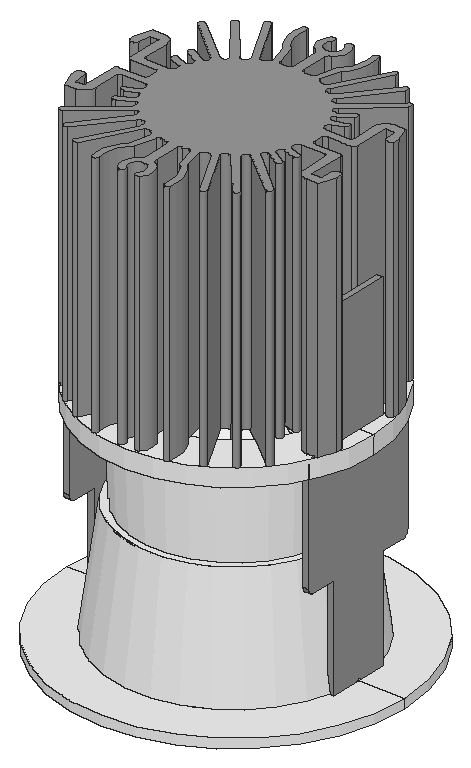
Revit family "Artemide_Everything_55", category Lighting Fixtures, Revit 2018 (continued)
Types (72, lengths in mm): name | Wattage | V_Square | V_Round | Radius_RoundVoidReal | Photometric Web File | built-in parameter 1150142 | M_Louvre | M_HousingLed | built-in parameter 1150105 | Lumens | built-in parameter 1150107 | built-in parameter 1150106 | Product Model Number | Overall Width | Overall Height | Output Lumens Direct light | Input Lumens Direct light | Initial Lumens | IES Files  | Housing Colour  | Face Shape | Efficiency | built-in parameter 1150104 | Distance_SquareVoidReal | Cut Out Length | Colour Temperature | Angle_LightReal | Angle_LightRange | Angle_Light | Adjustable
  Everything_55_Round_Adj_20°_3000K_Black_NL4203318K004 | 6.4 W | no | yes | 22.5 | "NL4203318K004.IES" | "IESNA:LM-63-2002\r\n[TEST] FTS1500317\r\n[TESTLAB] ARTEMIDE\r\n[TESTDATE] 17 Feb 2015\r\n[ISSUEDATE] 17 Feb 2015\r\n[MANUFAC] ARTEMIDE\r\n[LUMCAT] NL4203318K004\r\n[LUMINAIRE] Everything 55 round adjustable 20° - cornice nera - 3000K\r\n[FLASHAREA] 0.000233\r\n[LAMPCAT] 3000K - Imax=7992 cd/klm - LED Flux=566 lm - LED Power=6.4 W - Eff=84 % - EfcLED=89 lm/W - EfcLum=75 lm/W - Ra=80 min - SDCM=2 - Life=L70(6K)>51,400 ore\r\n[LAMP] 3000K - Imax=7992 cd/klm - LED Flux=566 lm - LED Power=6.4 W - Eff=84 % - EfcLED=89 lm/W - EfcLum=75 lm/W - Ra=80 min - SDCM=2 - Life=L70(6K)>51,400 ore\r\nTILT=NONE\r\n1 476.00 1.0 91 1 1 2 -0.035 -0.035 0.000\r\n1.00 1.00 6.40\r\n0.00 1.00 2.00 3.00 4.00 5.00 6.00 7.00 8.00 9.00 10.00 \r\n11.00 12.00 13.00 14.00 15.00 16.00 17.00 18.00 19.00 \r\n20.00 21.00 22.00 23.00 24.00 25.00 26.00 27.00 28.00 \r\n29.00 30.00 31.00 32.00 33.00 34.00 35.00 36.00 37.00 \r\n38.00 39.00 40.00 41.00 42.00 43.00 44.00 45.00 46.00 \r\n47.00 48.00 49.00 50.00 51.00 52.00 53.00 54.00 55.00 \r\n56.00 57.00 58.00 59.00 60.00 61.00 62.00 63.00 64.00 \r\n65.00 66.00 67.00 68.00 69.00 70.00 71.00 72.00 73.00 \r\n74.00 75.00 76.00 77.00 78.00 79.00 80.00 81.00 82.00 \r\n83.00 84.00 85.00 86.00 87.00 88.00 89.00 90.00 \r\n0.00 \r\n3804.41 3779.31 3694.65 3555.82 3372.96 3163.70 2936.04 \r\n2691.09 2438.59 2176.71 1913.39 1645.46 1372.95 1115.63 \r\n874.60 665.28 491.52 352.56 249.13 173.83 121.32 85.07 \r\n60.84 45.29 34.43 26.66 20.72 15.85 12.46 9.87 7.98 6.60 \r\n5.31 3.63 2.13 0.79 0.41 0.20 0.10 0.00 0.00 0.00 0.00 \r\n0.00 0.00 0.00 0.00 0.00 0.00 0.00 0.00 0.00 0.00 0.00 \r\n0.00 0.00 0.00 0.00 0.00 0.00 0.00 0.00 0.00 0.00 0.00 \r\n0.00 0.00 0.00 0.00 0.00 0.00 0.00 0.00 0.00 0.00 0.00 \r\n0.00 0.00 0.00 0.00 0.00 0.00 0.00 0.00 0.00 0.00 0.00 \r\n0.00 0.00 0.00 0.00 \r\n" | Artemide_Aluminum_Black | Artemide_Aluminum_Black | 40.402 (stored number, unit not read) | 507.712 lm | 3000 (stored number, unit not read) | 0.40402 (stored number, unit not read) | "NL4203318K004" | 0 | 82 | 476 | 566 | 476 | "https://www.artemide.com/product/downloadFile/2372172/ieseu/4916937" | "Black" | "Round" | 84 | 7.37 (stored number, unit not read) | 0.8 | 82 | 3000 | 60.00° | 60.00° | 60.00° | yes
  Everything_55_Round_Adj_20°_3000K_Silver_NL4203318K002 | 6.4 W | no | yes | 22.5 | "NL4203318K002.IES" | "IESNA:LM-63-2002\r\n[TEST] FTS1500313\r\n[TESTLAB] ARTEMIDE\r\n[TESTDATE] 17 Feb 2015\r\n[ISSUEDATE] 17 Feb 2015\r\n[MANUFAC] ARTEMIDE\r\n[LUMCAT] NL4203318K002\r\n[LUMINAIRE] Everything 55 round adjustable 20° - cornice grigia - 3000K\r\n[FLASHAREA] 0.000233\r\n[LAMPCAT] 3000K - Imax=7991 cd/klm - LED Flux=566 lm - LED Power=6.4 W - Eff=84 % - EfcLED=89 lm/W - EfcLum=75 lm/W - Ra=80 min - SDCM=2 - Life=L70(6K)>51,400 ore\r\n[LAMP] 3000K - Imax=7991 cd/klm - LED Flux=566 lm - LED Power=6.4 W - Eff=84 % - EfcLED=89 lm/W - EfcLum=75 lm/W - Ra=80 min - SDCM=2 - Life=L70(6K)>51,400 ore\r\nTILT=NONE\r\n1 476.00 1.0 91 1 1 2 -0.035 -0.035 0.000\r\n1.00 1.00 6.40\r\n0.00 1.00 2.00 3.00 4.00 5.00 6.00 7.00 8.00 9.00 10.00 \r\n11.00 12.00 13.00 14.00 15.00 16.00 17.00 18.00 19.00 \r\n20.00 21.00 22.00 23.00 24.00 25.00 26.00 27.00 28.00 \r\n29.00 30.00 31.00 32.00 33.00 34.00 35.00 36.00 37.00 \r\n38.00 39.00 40.00 41.00 42.00 43.00 44.00 45.00 46.00 \r\n47.00 48.00 49.00 50.00 51.00 52.00 53.00 54.00 55.00 \r\n56.00 57.00 58.00 59.00 60.00 61.00 62.00 63.00 64.00 \r\n65.00 66.00 67.00 68.00 69.00 70.00 71.00 72.00 73.00 \r\n74.00 75.00 76.00 77.00 78.00 79.00 80.00 81.00 82.00 \r\n83.00 84.00 85.00 86.00 87.00 88.00 89.00 90.00 \r\n0.00 \r\n3803.93 3777.27 3690.60 3550.18 3366.44 3154.65 2923.75 \r\n2678.21 2424.20 2162.42 1899.21 1638.11 1367.87 1110.89 \r\n869.78 662.10 489.25 352.51 250.30 175.61 122.98 86.78 \r\n62.72 47.09 36.35 28.46 22.54 17.72 14.19 11.49 9.56 8.23 \r\n6.95 5.35 3.78 2.58 1.81 1.53 1.19 0.85 0.52 0.37 0.27 \r\n0.20 0.00 0.00 0.00 0.00 0.00 0.00 0.00 0.00 0.00 0.00 \r\n0.00 0.00 0.00 0.00 0.00 0.00 0.00 0.00 0.00 0.00 0.00 \r\n0.00 0.00 0.00 0.00 0.00 0.00 0.00 0.00 0.00 0.00 0.00 \r\n0.00 0.00 0.00 0.00 0.00 0.00 0.00 0.00 0.00 0.00 0.00 \r\n0.00 0.00 0.00 0.00 \r\n" | Artemide_Aluminum_BrushedSilver | Artemide_Aluminum_BrushedSilver | 40.402 (stored number, unit not read) | 507.712 lm | 3000 (stored number, unit not read) | 0.40402 (stored number, unit not read) | "NL4203318K002" | 0 | 82 | 476 | 566 | 476 | "https://www.artemide.com/product/downloadFile/2372309/ieseu/4917143" | "Silver" | "Round" | 84 | 7.37 (stored number, unit not read) | 0.8 | 82 | 3000 | 60.00° | 60.00° | 60.00° | yes
  Everything_55_Round_Adj_34°_3000K_White_NL4203334K006 | 6.4 W | no | yes | 22.5 | "NL4203334K006.IES" | "IESNA:LM-63-2002\r\n[TEST] FTS1500311\r\n[TESTLAB] ARTEMIDE\r\n[TESTDATE] 17 Feb 2015\r\n[ISSUEDATE] 17 Feb 2015\r\n[MANUFAC] ARTEMIDE\r\n[LUMCAT] NL4203334K006\r\n[LUMINAIRE] Everything 55 round adjustable 34° - cornice bianca - 3000K\r\n[FLASHAREA] 0.000233\r\n[LAMPCAT] 3000K - Imax=2814 cd/klm - LED Flux=566 lm - LED Power=6.4 W - Eff=78 % - EfcLED=89 lm/W - EfcLum=69 lm/W - Ra=80 min - SDCM=2 - Life=L70(6K)>51,400 ore\r\n[LAMP] 3000K - Imax=2814 cd/klm - LED Flux=566 lm - LED Power=6.4 W - Eff=78 % - EfcLED=89 lm/W - EfcLum=69 lm/W - Ra=80 min - SDCM=2 - Life=L70(6K)>51,400 ore\r\nTILT=NONE\r\n1 442.00 1.0 91 1 1 2 -0.035 -0.035 0.000\r\n1.00 1.00 6.40\r\n0.00 1.00 2.00 3.00 4.00 5.00 6.00 7.00 8.00 9.00 10.00 \r\n11.00 12.00 13.00 14.00 15.00 16.00 17.00 18.00 19.00 \r\n20.00 21.00 22.00 23.00 24.00 25.00 26.00 27.00 28.00 \r\n29.00 30.00 31.00 32.00 33.00 34.00 35.00 36.00 37.00 \r\n38.00 39.00 40.00 41.00 42.00 43.00 44.00 45.00 46.00 \r\n47.00 48.00 49.00 50.00 51.00 52.00 53.00 54.00 55.00 \r\n56.00 57.00 58.00 59.00 60.00 61.00 62.00 63.00 64.00 \r\n65.00 66.00 67.00 68.00 69.00 70.00 71.00 72.00 73.00 \r\n74.00 75.00 76.00 77.00 78.00 79.00 80.00 81.00 82.00 \r\n83.00 84.00 85.00 86.00 87.00 88.00 89.00 90.00 \r\n0.00 \r\n1243.99 1242.87 1238.08 1228.38 1213.95 1194.58 1170.39 \r\n1140.32 1105.03 1064.11 1019.34 969.89 916.44 859.74 \r\n801.23 742.10 682.13 623.41 569.35 516.57 464.71 415.54 \r\n366.89 321.28 276.77 235.06 196.46 161.39 126.29 92.87 \r\n69.95 55.58 45.06 37.14 30.36 24.91 19.99 15.84 12.47 \r\n9.75 7.84 6.72 5.96 5.20 4.84 4.48 4.30 4.12 3.81 3.51 \r\n3.27 3.03 2.99 2.95 2.91 2.83 2.51 2.06 1.78 1.49 1.33 \r\n1.13 0.99 0.00 0.00 0.00 0.00 0.00 0.00 0.00 0.00 0.00 \r\n0.00 0.00 0.00 0.00 0.00 0.00 0.00 0.00 0.00 0.00 0.00 \r\n0.00 0.00 0.00 0.00 0.00 0.00 0.00 0.00 \r\n" | Artemide_Aluminum_White | Artemide_Aluminum_White | 37.52 (stored number, unit not read) | 471.488 lm | 3000 (stored number, unit not read) | 0.3752 (stored number, unit not read) | "NL4203334K006" | 0 | 82 | 442 | 566 | 442 | "https://www.artemide.com/product/downloadFile/2373572/ieseu/4916552" | "White" | "Round" | 78 | 6.8442 (stored number, unit not read) | 0.8 | 82 | 3000 | 60.00° | 60.00° | 60.00° | yes
  Everything_55_Round_Adj_34°_3000K_Black_NL4203334K004 | 6.4 W | no | yes | 22.5 | "NL4203334K004.IES" | "IESNA:LM-63-2002\r\n[TEST] FTS1500319\r\n[TESTLAB] ARTEMIDE\r\n[TESTDATE] 16 Feb 2015\r\n[ISSUEDATE] 16 Feb 2015\r\n[MANUFAC] ARTEMIDE\r\n[LUMCAT] NL4203334K004\r\n[LUMINAIRE] Everything 55 round adjustable 34° - cornice nera - 3000K\r\n[FLASHAREA] 0.000233\r\n[LAMPCAT] 3000K - Imax=2862 cd/klm - LED Flux=566 lm - LED Power=6.4 W - Eff=75 % - EfcLED=89 lm/W - EfcLum=69 lm/W - Ra=80 min - SDCM=2 - Life=L70(6K)>51,400 ore\r\n[LAMP] 3000K - Imax=2862 cd/klm - LED Flux=566 lm - LED Power=6.4 W - Eff=75 % - EfcLED=89 lm/W - EfcLum=69 lm/W - Ra=80 min - SDCM=2 - Life=L70(6K)>51,400 ore\r\nTILT=NONE\r\n1 425.00 1.0 91 1 1 2 -0.035 -0.035 0.000\r\n1.00 1.00 6.40\r\n0.00 1.00 2.00 3.00 4.00 5.00 6.00 7.00 8.00 9.00 10.00 \r\n11.00 12.00 13.00 14.00 15.00 16.00 17.00 18.00 19.00 \r\n20.00 21.00 22.00 23.00 24.00 25.00 26.00 27.00 28.00 \r\n29.00 30.00 31.00 32.00 33.00 34.00 35.00 36.00 37.00 \r\n38.00 39.00 40.00 41.00 42.00 43.00 44.00 45.00 46.00 \r\n47.00 48.00 49.00 50.00 51.00 52.00 53.00 54.00 55.00 \r\n56.00 57.00 58.00 59.00 60.00 61.00 62.00 63.00 64.00 \r\n65.00 66.00 67.00 68.00 69.00 70.00 71.00 72.00 73.00 \r\n74.00 75.00 76.00 77.00 78.00 79.00 80.00 81.00 82.00 \r\n83.00 84.00 85.00 86.00 87.00 88.00 89.00 90.00 \r\n0.00 \r\n1216.37 1213.87 1211.37 1203.20 1190.75 1173.50 1151.49 \r\n1123.39 1089.81 1050.01 1005.91 957.51 904.01 848.38 \r\n789.52 729.84 670.82 613.28 558.60 505.86 455.53 406.40 \r\n358.19 313.14 268.91 227.31 188.89 153.11 116.57 85.09 \r\n63.89 50.28 40.45 32.52 26.01 20.55 15.74 11.75 8.40 5.84 \r\n4.00 2.96 1.93 1.43 0.84 0.25 0.12 0.06 0.00 0.00 0.00 \r\n0.00 0.00 0.00 0.00 0.00 0.00 0.00 0.00 0.00 0.00 0.00 \r\n0.00 0.00 0.00 0.00 0.00 0.00 0.00 0.00 0.00 0.00 0.00 \r\n0.00 0.00 0.00 0.00 0.00 0.00 0.00 0.00 0.00 0.00 0.00 \r\n0.00 0.00 0.00 0.00 0.00 0.00 0.00 \r\n" | Artemide_Aluminum_Black | Artemide_Aluminum_Black | 37.52 (stored number, unit not read) | 471.488 lm | 3000 (stored number, unit not read) | 0.3752 (stored number, unit not read) | "NL4203334K004" | 0 | 82 | 425 | 566 | 425 | "https://www.artemide.com/product/downloadFile/2373693/ieseu/4916935" | "Black" | "Round" | 78 | 6.8442 (stored number, unit not read) | 0.8 | 82 | 3000 | 60.00° | 60.00° | 60.00° | yes
  Everything_55_Round_Adj_34°_3000K_Silver_NL4203334K002 | 6.4 W | no | yes | 22.5 | "NL4203334K002.IES" | "IESNA:LM-63-2002\r\n[TEST] FTS1500315\r\n[TESTLAB] ARTEMIDE\r\n[TESTDATE] 17 Feb 2015\r\n[ISSUEDATE] 17 Feb 2015\r\n[MANUFAC] ARTEMIDE\r\n[LUMCAT] NL4203334K002\r\n[LUMINAIRE] Everything 55 round adjustable 34° - cornice grigia - 3000K\r\n[FLASHAREA] 0.000233\r\n[LAMPCAT] 3000K - Imax=2846 cd/klm - LED Flux=566 lm - LED Power=6.4 W - Eff=77 % - EfcLED=89 lm/W - EfcLum=69 lm/W - Ra=80 min - SDCM=2 - Life=L70(6K)>51,400 ore\r\n[LAMP] 3000K - Imax=2846 cd/klm - LED Flux=566 lm - LED Power=6.4 W - Eff=77 % - EfcLED=89 lm/W - EfcLum=69 lm/W - Ra=80 min - SDCM=2 - Life=L70(6K)>51,400 ore\r\nTILT=NONE\r\n1 436.00 1.0 91 1 1 2 -0.035 -0.035 0.000\r\n1.00 1.00 6.40\r\n0.00 1.00 2.00 3.00 4.00 5.00 6.00 7.00 8.00 9.00 10.00 \r\n11.00 12.00 13.00 14.00 15.00 16.00 17.00 18.00 19.00 \r\n20.00 21.00 22.00 23.00 24.00 25.00 26.00 27.00 28.00 \r\n29.00 30.00 31.00 32.00 33.00 34.00 35.00 36.00 37.00 \r\n38.00 39.00 40.00 41.00 42.00 43.00 44.00 45.00 46.00 \r\n47.00 48.00 49.00 50.00 51.00 52.00 53.00 54.00 55.00 \r\n56.00 57.00 58.00 59.00 60.00 61.00 62.00 63.00 64.00 \r\n65.00 66.00 67.00 68.00 69.00 70.00 71.00 72.00 73.00 \r\n74.00 75.00 76.00 77.00 78.00 79.00 80.00 81.00 82.00 \r\n83.00 84.00 85.00 86.00 87.00 88.00 89.00 90.00 \r\n0.00 \r\n1240.95 1240.02 1234.86 1225.15 1210.71 1191.73 1167.39 \r\n1137.35 1102.31 1060.95 1015.93 966.51 912.77 856.31 \r\n796.79 736.59 678.55 620.93 565.45 512.44 462.16 412.85 \r\n364.37 319.29 275.00 233.40 195.04 156.43 119.09 89.05 \r\n67.78 54.33 44.26 36.34 29.67 24.05 19.21 15.18 11.64 \r\n9.00 7.01 5.73 4.62 4.16 3.71 3.35 3.15 2.86 2.58 2.22 \r\n1.91 1.70 1.49 1.38 1.27 0.99 0.65 0.00 0.00 0.00 0.00 \r\n0.00 0.00 0.00 0.00 0.00 0.00 0.00 0.00 0.00 0.00 0.00 \r\n0.00 0.00 0.00 0.00 0.00 0.00 0.00 0.00 0.00 0.00 0.00 \r\n0.00 0.00 0.00 0.00 0.00 0.00 0.00 0.00 \r\n" | Artemide_Aluminum_BrushedSilver | Artemide_Aluminum_BrushedSilver | 37.52 (stored number, unit not read) | 471.488 lm | 3000 (stored number, unit not read) | 0.3752 (stored number, unit not read) | "NL4203334K002" | 0 | 82 | 436 | 566 | 436 | "https://www.artemide.com/product/downloadFile/2373814/ieseu/4917110" | "Silver" | "Round" | 78 | 6.8442 (stored number, unit not read) | 0.8 | 82 | 3000 | 60.00° | 60.00° | 60.00° | yes
  Everything_55_Round_Adj_20°_2700K_White_NL4203318Y006 | 6.4 W | no | yes | 22.5 | "NL4203318Y006.IES" | "IESNA:LM-63-2002\r\n[TEST] FTS1602948\r\n[TESTLAB] ARTEMIDE\r\n[TESTDATE] 17 Feb 2015\r\n[ISSUEDATE] 17 Feb 2015\r\n[MANUFAC] ARTEMIDE\r\n[LUMCAT] NL4203318Y006\r\n[LUMINAIRE] Everything 55 round adjustable 20° - cornice bianca - 2700K\r\n[FLASHAREA] 0.000233\r\n[LAMPCAT] LED Flux=566lm  LED Power=6,4W Eff=84% EfcLed=88lm/W EfcLum=74lm/W CCT=2700K Ra=80 SDCM=2 L70(6K)=51400h\r\n[LAMP] LED Flux=566lm  LED Power=6,4W Eff=84% EfcLed=88lm/W EfcLum=74lm/W CCT=2700K Ra=80 SDCM=2 L70(6K)=51400h\r\nTILT=NONE\r\n1 476.00 1.0 91 1 1 2 -0.035 -0.035 0.000\r\n1.00 1.00 6.40\r\n0.00 1.00 2.00 3.00 4.00 5.00 6.00 7.00 8.00 9.00 10.00 \r\n11.00 12.00 13.00 14.00 15.00 16.00 17.00 18.00 19.00 \r\n20.00 21.00 22.00 23.00 24.00 25.00 26.00 27.00 28.00 \r\n29.00 30.00 31.00 32.00 33.00 34.00 35.00 36.00 37.00 \r\n38.00 39.00 40.00 41.00 42.00 43.00 44.00 45.00 46.00 \r\n47.00 48.00 49.00 50.00 51.00 52.00 53.00 54.00 55.00 \r\n56.00 57.00 58.00 59.00 60.00 61.00 62.00 63.00 64.00 \r\n65.00 66.00 67.00 68.00 69.00 70.00 71.00 72.00 73.00 \r\n74.00 75.00 76.00 77.00 78.00 79.00 80.00 81.00 82.00 \r\n83.00 84.00 85.00 86.00 87.00 88.00 89.00 90.00 \r\n0.00 \r\n3835.70 3811.54 3722.97 3579.25 3390.25 3174.12 2937.36 \r\n2687.47 2432.02 2169.98 1904.67 1634.92 1363.71 1105.36 \r\n867.10 658.58 485.13 347.55 245.55 171.43 120.13 84.52 \r\n61.07 45.79 35.35 27.74 21.95 17.26 13.97 11.31 9.45 8.19 \r\n6.85 5.52 3.76 2.54 2.07 1.80 1.57 1.29 1.02 0.77 0.62 \r\n0.00 0.00 0.00 0.00 0.00 0.00 0.00 0.00 0.00 0.00 0.00 \r\n0.00 0.00 0.00 0.00 0.00 0.00 0.00 0.00 0.00 0.00 0.00 \r\n0.00 0.00 0.00 0.00 0.00 0.00 0.00 0.00 0.00 0.00 0.00 \r\n0.00 0.00 0.00 0.00 0.00 0.00 0.00 0.00 0.00 0.00 0.00 \r\n0.00 0.00 0.00 0.00 \r\n" | Artemide_Aluminum_White | Artemide_Aluminum_White | 40.402 (stored number, unit not read) | 507.712 lm | 2700 (stored number, unit not read) | 0.40402 (stored number, unit not read) | "NL4203318Y006" | 0 | 82 | 476 | 566 | 476 | "https://www.artemide.com/product/downloadFile/4346875/ieseu/4916501" | "White" | "Round" | 84 | 7.37 (stored number, unit not read) | 0.8 | 82 | 2700 | 60.00° | 60.00° | 60.00° | yes
  Everything_55_Round_Adj_20°_2700K_Black_NL4203318Y004 | 6.4 W | no | yes | 22.5 | "NL4203318Y004.IES" | "IESNA:LM-63-2002\r\n[TEST] FTS1602952\r\n[TESTLAB] ARTEMIDE\r\n[TESTDATE] 17 Feb 2015\r\n[ISSUEDATE] 17 Feb 2015\r\n[MANUFAC] ARTEMIDE\r\n[LUMCAT] NL4203318Y004\r\n[LUMINAIRE] Everything 55 round adjustable 20° - cornice nera - 2700K\r\n[FLASHAREA] 0.000233\r\n[LAMPCAT] LED Flux=566lm  LED Power=6,4W Eff=84% EfcLed=88lm/W EfcLum=74lm/W CCT=2700K Ra=80 SDCM=2 L70(6K)=51400h\r\n[LAMP] LED Flux=566lm  LED Power=6,4W Eff=84% EfcLed=88lm/W EfcLum=74lm/W CCT=2700K Ra=80 SDCM=2 L70(6K)=51400h\r\nTILT=NONE\r\n1 476.00 1.0 91 1 1 2 -0.035 -0.035 0.000\r\n1.00 1.00 6.40\r\n0.00 1.00 2.00 3.00 4.00 5.00 6.00 7.00 8.00 9.00 10.00 \r\n11.00 12.00 13.00 14.00 15.00 16.00 17.00 18.00 19.00 \r\n20.00 21.00 22.00 23.00 24.00 25.00 26.00 27.00 28.00 \r\n29.00 30.00 31.00 32.00 33.00 34.00 35.00 36.00 37.00 \r\n38.00 39.00 40.00 41.00 42.00 43.00 44.00 45.00 46.00 \r\n47.00 48.00 49.00 50.00 51.00 52.00 53.00 54.00 55.00 \r\n56.00 57.00 58.00 59.00 60.00 61.00 62.00 63.00 64.00 \r\n65.00 66.00 67.00 68.00 69.00 70.00 71.00 72.00 73.00 \r\n74.00 75.00 76.00 77.00 78.00 79.00 80.00 81.00 82.00 \r\n83.00 84.00 85.00 86.00 87.00 88.00 89.00 90.00 \r\n0.00 \r\n3804.41 3779.31 3694.65 3555.82 3372.96 3163.70 2936.04 \r\n2691.09 2438.59 2176.71 1913.39 1645.46 1372.95 1115.63 \r\n874.60 665.28 491.52 352.56 249.13 173.83 121.32 85.07 \r\n60.84 45.29 34.43 26.66 20.72 15.85 12.46 9.87 7.98 6.60 \r\n5.31 3.63 2.13 0.79 0.41 0.20 0.10 0.00 0.00 0.00 0.00 \r\n0.00 0.00 0.00 0.00 0.00 0.00 0.00 0.00 0.00 0.00 0.00 \r\n0.00 0.00 0.00 0.00 0.00 0.00 0.00 0.00 0.00 0.00 0.00 \r\n0.00 0.00 0.00 0.00 0.00 0.00 0.00 0.00 0.00 0.00 0.00 \r\n0.00 0.00 0.00 0.00 0.00 0.00 0.00 0.00 0.00 0.00 0.00 \r\n0.00 0.00 0.00 0.00 \r\n" | Artemide_Aluminum_Black | Artemide_Aluminum_Black | 40.402 (stored number, unit not read) | 507.712 lm | 2700 (stored number, unit not read) | 0.40402 (stored number, unit not read) | "NL4203318Y004" | 0 | 82 | 476 | 566 | 476 | "https://www.artemide.com/product/downloadFile/4347073/ieseu/4916587" | "Black" | "Round" | 84 | 7.37 (stored number, unit not read) | 0.8 | 82 | 2700 | 60.00° | 60.00° | 60.00° | yes
  Everything_55_Round_Adj_20°_2700K_Silver_NL4203318Y002 | 6.4 W | no | yes | 22.5 | "NL4203318Y002.IES" | "IESNA:LM-63-2002\r\n[TEST] FTS1602950\r\n[TESTLAB] ARTEMIDE\r\n[TESTDATE] 17 Feb 2015\r\n[ISSUEDATE] 17 Feb 2015\r\n[MANUFAC] ARTEMIDE\r\n[LUMCAT] NL4203318Y002\r\n[LUMINAIRE] Everything 55 round adjustable 20° - cornice grigia - 2700K\r\n[FLASHAREA] 0.000233\r\n[LAMPCAT] LED Flux=566lm  LED Power=6,4W Eff=84% EfcLed=88lm/W EfcLum=74lm/W CCT=2700K Ra=80 SDCM=2 L70(6K)=51400h\r\n[LAMP] LED Flux=566lm  LED Power=6,4W Eff=84% EfcLed=88lm/W EfcLum=74lm/W CCT=2700K Ra=80 SDCM=2 L70(6K)=51400h\r\nTILT=NONE\r\n1 476.00 1.0 91 1 1 2 -0.035 -0.035 0.000\r\n1.00 1.00 6.40\r\n0.00 1.00 2.00 3.00 4.00 5.00 6.00 7.00 8.00 9.00 10.00 \r\n11.00 12.00 13.00 14.00 15.00 16.00 17.00 18.00 19.00 \r\n20.00 21.00 22.00 23.00 24.00 25.00 26.00 27.00 28.00 \r\n29.00 30.00 31.00 32.00 33.00 34.00 35.00 36.00 37.00 \r\n38.00 39.00 40.00 41.00 42.00 43.00 44.00 45.00 46.00 \r\n47.00 48.00 49.00 50.00 51.00 52.00 53.00 54.00 55.00 \r\n56.00 57.00 58.00 59.00 60.00 61.00 62.00 63.00 64.00 \r\n65.00 66.00 67.00 68.00 69.00 70.00 71.00 72.00 73.00 \r\n74.00 75.00 76.00 77.00 78.00 79.00 80.00 81.00 82.00 \r\n83.00 84.00 85.00 86.00 87.00 88.00 89.00 90.00 \r\n0.00 \r\n3803.93 3777.27 3690.60 3550.18 3366.44 3154.65 2923.75 \r\n2678.21 2424.20 2162.42 1899.21 1638.11 1367.87 1110.89 \r\n869.78 662.10 489.25 352.51 250.30 175.61 122.98 86.78 \r\n62.72 47.09 36.35 28.46 22.54 17.72 14.19 11.49 9.56 8.23 \r\n6.95 5.35 3.78 2.58 1.81 1.53 1.19 0.85 0.52 0.37 0.27 \r\n0.20 0.00 0.00 0.00 0.00 0.00 0.00 0.00 0.00 0.00 0.00 \r\n0.00 0.00 0.00 0.00 0.00 0.00 0.00 0.00 0.00 0.00 0.00 \r\n0.00 0.00 0.00 0.00 0.00 0.00 0.00 0.00 0.00 0.00 0.00 \r\n0.00 0.00 0.00 0.00 0.00 0.00 0.00 0.00 0.00 0.00 0.00 \r\n0.00 0.00 0.00 0.00 \r\n" | Artemide_Aluminum_BrushedSilver | Artemide_Aluminum_BrushedSilver | 40.402 (stored number, unit not read) | 507.712 lm | 2700 (stored number, unit not read) | 0.40402 (stored number, unit not read) | "NL4203318Y002" | 0 | 82 | 476 | 566 | 476 | "https://www.artemide.com/product/downloadFile/4347281/ieseu/4916985" | "Silver" | "Round" | 84 | 7.37 (stored number, unit not read) | 0.8 | 82 | 2700 | 60.00° | 60.00° | 60.00° | yes
  Everything_55_Round_Adj_34°_2700K_White_NL4203334Y006 | 6.4 W | no | yes | 22.5 | "NL4203334Y006.IES" | "IESNA:LM-63-2002\r\n[TEST] FTS1602949\r\n[TESTLAB] ARTEMIDE\r\n[TESTDATE] 17 Feb 2015\r\n[ISSUEDATE] 17 Feb 2015\r\n[MANUFAC] ARTEMIDE\r\n[LUMCAT] NL4203334Y006\r\n[LUMINAIRE] Everything 55 round adjustable 34° - cornice bianca - 2700K\r\n[FLASHAREA] 0.000233\r\n[LAMPCAT] LED Flux=566lm  LED Power=6,4W Eff=78% EfcLed=88lm/W EfcLum=69lm/W CCT=2700K Ra=80 SDCM=2 L70(6K)=51400h\r\n[LAMP] LED Flux=566lm  LED Power=6,4W Eff=78% EfcLed=88lm/W EfcLum=69lm/W CCT=2700K Ra=80 SDCM=2 L70(6K)=51400h\r\nTILT=NONE\r\n1 442.00 1.0 91 1 1 2 -0.035 -0.035 0.000\r\n1.00 1.00 6.40\r\n0.00 1.00 2.00 3.00 4.00 5.00 6.00 7.00 8.00 9.00 10.00 \r\n11.00 12.00 13.00 14.00 15.00 16.00 17.00 18.00 19.00 \r\n20.00 21.00 22.00 23.00 24.00 25.00 26.00 27.00 28.00 \r\n29.00 30.00 31.00 32.00 33.00 34.00 35.00 36.00 37.00 \r\n38.00 39.00 40.00 41.00 42.00 43.00 44.00 45.00 46.00 \r\n47.00 48.00 49.00 50.00 51.00 52.00 53.00 54.00 55.00 \r\n56.00 57.00 58.00 59.00 60.00 61.00 62.00 63.00 64.00 \r\n65.00 66.00 67.00 68.00 69.00 70.00 71.00 72.00 73.00 \r\n74.00 75.00 76.00 77.00 78.00 79.00 80.00 81.00 82.00 \r\n83.00 84.00 85.00 86.00 87.00 88.00 89.00 90.00 \r\n0.00 \r\n1243.99 1242.87 1238.08 1228.38 1213.95 1194.58 1170.39 \r\n1140.32 1105.03 1064.11 1019.34 969.89 916.44 859.74 \r\n801.23 742.10 682.13 623.41 569.35 516.57 464.71 415.54 \r\n366.89 321.28 276.77 235.06 196.46 161.39 126.29 92.87 \r\n69.95 55.58 45.06 37.14 30.36 24.91 19.99 15.84 12.47 \r\n9.75 7.84 6.72 5.96 5.20 4.84 4.48 4.30 4.12 3.81 3.51 \r\n3.27 3.03 2.99 2.95 2.91 2.83 2.51 2.06 1.78 1.49 1.33 \r\n1.13 0.99 0.00 0.00 0.00 0.00 0.00 0.00 0.00 0.00 0.00 \r\n0.00 0.00 0.00 0.00 0.00 0.00 0.00 0.00 0.00 0.00 0.00 \r\n0.00 0.00 0.00 0.00 0.00 0.00 0.00 0.00 \r\n" | Artemide_Aluminum_White | Artemide_Aluminum_White | 37.011 (stored number, unit not read) | 465.088 lm | 2700 (stored number, unit not read) | 0.37011 (stored number, unit not read) | "NL4203334Y006" | 0 | 82 | 442 | 566 | 442 | "https://www.artemide.com/product/downloadFile/4347489/ieseu/4916899" | "White" | "Round" | 77 | 6.7513 (stored number, unit not read) | 0.8 | 82 | 2700 | 60.00° | 60.00° | 60.00° | yes
  Everything_55_Round_Adj_34°_2700K_Black_NL4203334Y004 | 6.4 W | no | yes | 22.5 | "NL4203334Y004.IES" | "IESNA:LM-63-2002\r\n[TEST] FTS1602953\r\n[TESTLAB] ARTEMIDE\r\n[TESTDATE] 16 Feb 2015\r\n[ISSUEDATE] 16 Feb 2015\r\n[MANUFAC] ARTEMIDE\r\n[LUMCAT] NL4203334Y004\r\n[LUMINAIRE] Everything 55 round adjustable 34° - cornice nera - 2700K\r\n[FLASHAREA] 0.000233\r\n[LAMPCAT] LED Flux=566lm  LED Power=6,4W Eff=75% EfcLed=88lm/W EfcLum=66lm/W CCT=2700K Ra=80 SDCM=2 L70(6K)=51400h\r\n[LAMP] LED Flux=566lm  LED Power=6,4W Eff=75% EfcLed=88lm/W EfcLum=66lm/W CCT=2700K Ra=80 SDCM=2 L70(6K)=51400h\r\nTILT=NONE\r\n1 425.00 1.0 91 1 1 2 -0.035 -0.035 0.000\r\n1.00 1.00 6.40\r\n0.00 1.00 2.00 3.00 4.00 5.00 6.00 7.00 8.00 9.00 10.00 \r\n11.00 12.00 13.00 14.00 15.00 16.00 17.00 18.00 19.00 \r\n20.00 21.00 22.00 23.00 24.00 25.00 26.00 27.00 28.00 \r\n29.00 30.00 31.00 32.00 33.00 34.00 35.00 36.00 37.00 \r\n38.00 39.00 40.00 41.00 42.00 43.00 44.00 45.00 46.00 \r\n47.00 48.00 49.00 50.00 51.00 52.00 53.00 54.00 55.00 \r\n56.00 57.00 58.00 59.00 60.00 61.00 62.00 63.00 64.00 \r\n65.00 66.00 67.00 68.00 69.00 70.00 71.00 72.00 73.00 \r\n74.00 75.00 76.00 77.00 78.00 79.00 80.00 81.00 82.00 \r\n83.00 84.00 85.00 86.00 87.00 88.00 89.00 90.00 \r\n0.00 \r\n1216.37 1213.87 1211.37 1203.20 1190.75 1173.50 1151.49 \r\n1123.39 1089.81 1050.01 1005.91 957.51 904.01 848.38 \r\n789.52 729.84 670.82 613.28 558.60 505.86 455.53 406.40 \r\n358.19 313.14 268.91 227.31 188.89 153.11 116.57 85.09 \r\n63.89 50.28 40.45 32.52 26.01 20.55 15.74 11.75 8.40 5.84 \r\n4.00 2.96 1.93 1.43 0.84 0.25 0.12 0.06 0.00 0.00 0.00 \r\n0.00 0.00 0.00 0.00 0.00 0.00 0.00 0.00 0.00 0.00 0.00 \r\n0.00 0.00 0.00 0.00 0.00 0.00 0.00 0.00 0.00 0.00 0.00 \r\n0.00 0.00 0.00 0.00 0.00 0.00 0.00 0.00 0.00 0.00 0.00 \r\n0.00 0.00 0.00 0.00 0.00 0.00 0.00 \r\n" | Artemide_Aluminum_Black | Artemide_Aluminum_Black | 37.011 (stored number, unit not read) | 465.088 lm | 2700 (stored number, unit not read) | 0.37011 (stored number, unit not read) | "NL4203334Y004" | 0 | 82 | 425 | 566 | 425 | "https://www.artemide.com/product/downloadFile/4347687/ieseu/4917070" | "Black" | "Round" | 77 | 6.7513 (stored number, unit not read) | 0.8 | 82 | 2700 | 60.00° | 60.00° | 60.00° | yes
  Everything_55_Round_Adj_34°_2700K_Silver_NL4203334Y002 | 6.4 W | no | yes | 22.5 | "NL4203334Y002.IES" | "IESNA:LM-63-2002\r\n[TEST] FTS1602951\r\n[TESTLAB] ARTEMIDE\r\n[TESTDATE] 17 Feb 2015\r\n[ISSUEDATE] 17 Feb 2015\r\n[MANUFAC] ARTEMIDE\r\n[LUMCAT] NL4203334Y002\r\n[LUMINAIRE] Everything 55 round adjustable 34° - cornice grigia - 2700K\r\n[FLASHAREA] 0.000233\r\n[LAMPCAT] LED Flux=566lm  LED Power=6,4W Eff=77% EfcLed=88lm/W EfcLum=68lm/W CCT=2700K Ra=80 SDCM=2 L70(6K)=51400h\r\n[LAMP] LED Flux=566lm  LED Power=6,4W Eff=77% EfcLed=88lm/W EfcLum=68lm/W CCT=2700K Ra=80 SDCM=2 L70(6K)=51400h\r\nTILT=NONE\r\n1 436.00 1.0 91 1 1 2 -0.035 -0.035 0.000\r\n1.00 1.00 6.40\r\n0.00 1.00 2.00 3.00 4.00 5.00 6.00 7.00 8.00 9.00 10.00 \r\n11.00 12.00 13.00 14.00 15.00 16.00 17.00 18.00 19.00 \r\n20.00 21.00 22.00 23.00 24.00 25.00 26.00 27.00 28.00 \r\n29.00 30.00 31.00 32.00 33.00 34.00 35.00 36.00 37.00 \r\n38.00 39.00 40.00 41.00 42.00 43.00 44.00 45.00 46.00 \r\n47.00 48.00 49.00 50.00 51.00 52.00 53.00 54.00 55.00 \r\n56.00 57.00 58.00 59.00 60.00 61.00 62.00 63.00 64.00 \r\n65.00 66.00 67.00 68.00 69.00 70.00 71.00 72.00 73.00 \r\n74.00 75.00 76.00 77.00 78.00 79.00 80.00 81.00 82.00 \r\n83.00 84.00 85.00 86.00 87.00 88.00 89.00 90.00 \r\n0.00 \r\n1240.95 1240.02 1234.86 1225.15 1210.71 1191.73 1167.39 \r\n1137.35 1102.31 1060.95 1015.93 966.51 912.77 856.31 \r\n796.79 736.59 678.55 620.93 565.45 512.44 462.16 412.85 \r\n364.37 319.29 275.00 233.40 195.04 156.43 119.09 89.05 \r\n67.78 54.33 44.26 36.34 29.67 24.05 19.21 15.18 11.64 \r\n9.00 7.01 5.73 4.62 4.16 3.71 3.35 3.15 2.86 2.58 2.22 \r\n1.91 1.70 1.49 1.38 1.27 0.99 0.65 0.00 0.00 0.00 0.00 \r\n0.00 0.00 0.00 0.00 0.00 0.00 0.00 0.00 0.00 0.00 0.00 \r\n0.00 0.00 0.00 0.00 0.00 0.00 0.00 0.00 0.00 0.00 0.00 \r\n0.00 0.00 0.00 0.00 0.00 0.00 0.00 0.00 \r\n" | Artemide_Aluminum_BrushedSilver | Artemide_Aluminum_BrushedSilver | 37.011 (stored number, unit not read) | 465.088 lm | 2700 (stored number, unit not read) | 0.37011 (stored number, unit not read) | "NL4203334Y002" | 0 | 82 | 436 | 566 | 436 | "https://www.artemide.com/product/downloadFile/4347895/ieseu/4916905" | "Silver" | "Round" | 77 | 6.7513 (stored number, unit not read) | 0.8 | 82 | 2700 | 60.00° | 60.00° | 60.00° | yes
  Everything_55_Square_20°_3000K_Black_NL4203418K004 | 6.4 W | yes | no | 0.3 | "NL4203418K004.IES" | "IESNA:LM-63-2002\r\n[TEST] FTS1500305\r\n[TESTLAB] ARTEMIDE\r\n[TESTDATE] 17 Feb 2015\r\n[ISSUEDATE] 17 Feb 2015\r\n[MANUFAC] ARTEMIDE\r\n[LUMCAT] NL4203418K004\r\n[LUMINAIRE] Everything 55 square 20° - cornice nera - 3000K\r\n[FLASHAREA] 0.000233\r\n[LAMPCAT] 3000K - Imax=7992 cd/klm - LED Flux=566 lm - LED Power=6.4 W - Eff=84 % - EfcLED=89 lm/W - EfcLum=75 lm/W - Ra=80 min - SDCM=2 - Life=L70(6K)>51,400 ore\r\n[LAMP] 3000K - Imax=7992 cd/klm - LED Flux=566 lm - LED Power=6.4 W - Eff=84 % - EfcLED=89 lm/W - EfcLum=75 lm/W - Ra=80 min - SDCM=2 - Life=L70(6K)>51,400 ore\r\nTILT=NONE\r\n1 476.00 1.0 91 1 1 2 -0.035 -0.035 0.000\r\n1.00 1.00 6.40\r\n0.00 1.00 2.00 3.00 4.00 5.00 6.00 7.00 8.00 9.00 10.00 \r\n11.00 12.00 13.00 14.00 15.00 16.00 17.00 18.00 19.00 \r\n20.00 21.00 22.00 23.00 24.00 25.00 26.00 27.00 28.00 \r\n29.00 30.00 31.00 32.00 33.00 34.00 35.00 36.00 37.00 \r\n38.00 39.00 40.00 41.00 42.00 43.00 44.00 45.00 46.00 \r\n47.00 48.00 49.00 50.00 51.00 52.00 53.00 54.00 55.00 \r\n56.00 57.00 58.00 59.00 60.00 61.00 62.00 63.00 64.00 \r\n65.00 66.00 67.00 68.00 69.00 70.00 71.00 72.00 73.00 \r\n74.00 75.00 76.00 77.00 78.00 79.00 80.00 81.00 82.00 \r\n83.00 84.00 85.00 86.00 87.00 88.00 89.00 90.00 \r\n0.00 \r\n3804.41 3779.31 3694.65 3555.82 3372.96 3163.70 2936.04 \r\n2691.09 2438.59 2176.71 1913.39 1645.46 1372.95 1115.63 \r\n874.60 665.28 491.52 352.56 249.13 173.83 121.32 85.07 \r\n60.84 45.29 34.43 26.66 20.72 15.85 12.46 9.87 7.98 6.60 \r\n5.31 3.63 2.13 0.79 0.41 0.20 0.10 0.00 0.00 0.00 0.00 \r\n0.00 0.00 0.00 0.00 0.00 0.00 0.00 0.00 0.00 0.00 0.00 \r\n0.00 0.00 0.00 0.00 0.00 0.00 0.00 0.00 0.00 0.00 0.00 \r\n0.00 0.00 0.00 0.00 0.00 0.00 0.00 0.00 0.00 0.00 0.00 \r\n0.00 0.00 0.00 0.00 0.00 0.00 0.00 0.00 0.00 0.00 0.00 \r\n0.00 0.00 0.00 0.00 \r\n" | Artemide_Aluminum_Black | Artemide_Aluminum_Black | 40.402 (stored number, unit not read) | 507.712 lm | 3000 (stored number, unit not read) | 0.40402 (stored number, unit not read) | "NL4203418K004" | 55 | 78 | 476 | 566 | 476 | "https://www.artemide.com/product/downloadFile/2375861/ieseu/4916539" | "Black" | "Square" | 84 | 7.37 (stored number, unit not read) | 40.48 | 78 | 3000 | 90.00° | 60.00° | 60.00° | no
